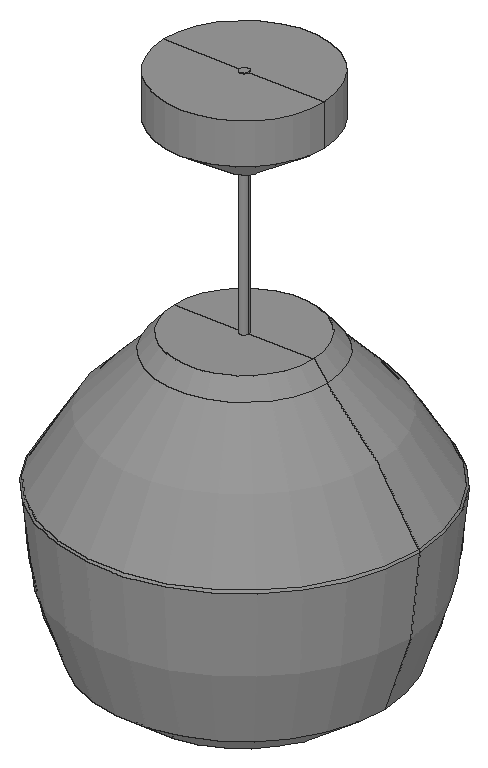
Revit family "63_UN_Pendant_GO-1M Canopy_Signify", category Lighting Fixtures, Revit 2019
Family settings
  Round Connector Dimension = Use Diameter
  Part Type = Normal
  OmniClass Number = 23.80.70.11
  OmniClass Title = Luminaries for Internal Lighting
  Work Plane-Based = No
  Always vertical = Yes
  Cut with Voids When Loaded = No
  Light Source = No
  Shared = No
  Room Calculation Point = Yes
Parameters (values of type "GO-1M")
  Wattage Comments = "10W"
  Voltage = 230 V
  URL = "https://www.signify.com/global/innovation/3d-printing"
  Type Comments = "GO-1M"
  Pendant_Material = UHMW, Black
  Pendant_Length [instance] = 200 mm
  Symbol_ToScale [instance] = yes
  Symbol_RealSize [instance] = not(Symbol_ToScale)  # no
  Switch Code [instance] = ""
  Model = "Pendant Canopy"
  Manufacturer = "Signify"
  Luminaire Code [instance] = ""
  Lamp = "LED"
  IfcExportType = "USERDEFINED"
  IfcExportAs = "IfcLightFixtureType"
  Housing_Material = Select RGB Value for different appearance
  Description = ""
  Content Creator® = "www.ivlibrary.com"
  Calc_Pendant_Length [instance] = if(Pendant_Length < 200 mm, 200 mm, if(Pendant_Length > 3000 mm, 3000 mm, Pendant_Length))  # 200 mm
  Assembly Code = "63.0"
  Apparent Load = 10 VA
Reference planes
  plane 1 "Center (Front/Back)": y = 0
  plane 2: z = 0
  plane 3 "Center (Left/Right)": x = 0
  plane 4: z = -200
  plane 5: z = -330
Forms (mm)
  Extrusion 1, solid, material "UHMW, Black" <- "Pendant_Material"
    sketch origin (0, 0, 0) x (1, 0, 0) y (0, 1, 0)
      loop
        circle (0, 0) r 3.848
    from -200 to 0
  Revolve 2, solid, material "UHMW, Black" <- "Pendant_Material"
    sketch origin (0, 0, 0) x (1, 0, 0) y (0, 0, 1)
      loop
        line (-68.5, 0) -> (-68.5, -35.165) -> (-13.084, -72.544) -> (0, -72.544) -> (0, 0) -> (-68.5, 0)
      axis (0, 0) -> (0, -72.544)
    angle from 0 to 360
Lines and regions (mm)
  symbolic lines, visible <- "Symbol_RealSize"
    curve 1: circle (0, 0, 0) r 150 normal (0, 0, 1)
    curve 2: line (-106.066, 106.066, 0) -> (0, 0, 0)
    curve 3: line (0, 0, 0) -> (-106.066, -106.066, 0)
    curve 4: line (106.066, 106.066, 0) -> (0, 0, 0)
    curve 5: line (0, 0, 0) -> (106.066, -106.066, 0)
Dimensions and locks
  "Calc_Pendant_Length": plane 2 to plane 4
  locked: plane 4 to plane 5 at 130
  aligned and locked: level to plane 2
  aligned and locked: plane 2 to Extrusion 1
  aligned and locked: plane 4 to Extrusion 1
  aligned and locked: nested 1 to plane 4
Automatic sketch dimensions
  plane 1 "Center (Front/Back)" to curve 2 = 0 mm
  curve 2 to plane 3 "Center (Left/Right)" = 0 mm
  plane 1 "Center (Front/Back)" to curve 1 = 0 mm
  curve 1 to plane 3 "Center (Left/Right)" = 0 mm
  curve 3 to plane 3 "Center (Left/Right)" = 106.066 mm
  curve 2 to plane 3 "Center (Left/Right)" = 106.066 mm
  plane 1 "Center (Front/Back)" to curve 5 = 106.066 mm
  plane 1 "Center (Front/Back)" to Extrusion 1 sketch curve = 0 mm
  Extrusion 1 sketch curve to plane 3 "Center (Left/Right)" = 0 mm
  Revolve 2 sketch curve to level = 0 mm
  Revolve 2 sketch curve to plane 3 "Center (Left/Right)" = 0 mm  (x2)
  Revolve 2 sketch curve to plane 3 "Center (Left/Right)" = 13.084 mm
  Revolve 2 sketch curve to plane 3 "Center (Left/Right)" = 68.5 mm
  Revolve 2 sketch curve to Revolve 2 sketch curve = 35.165 mm
  Revolve 2 sketch curve to Revolve 2 sketch curve = 72.544 mm
  Revolve 2 sketch curve to Revolve 2 sketch curve = 6.499 mm
  level to Revolve 2 sketch curve = 2214.315 mm
  radius of Extrusion 1 sketch curve = 3.848 mm
Nested families
  nested 1: "GO-1L" at (0, 0, -200), Housing_Material <- "Housing_Material", type "Geometry"
    with Housing_Material Select RGB Value for different appearance
  nested 2: "Ø300 Symbol_Signify" at (0, 0, 0), visible <- "Symbol_ToScale", type "Ø400 Symbol_Signify"
Connectors
  electrical at (0, 0, 0), driven by "Apparent Load", driven by "Voltage"
    settings: index 1, voltage 230 V, apparent load 0 VA, apparent load phase1 10 VA, apparent load phase2 0 VA, apparent load phase3 0 VA, power factor 1, load classification "Other", number of poles 1, system type 31, power factor state 1, is connector primary yes, connector utility no, sub classification motor no, connector description ""
Definition of nested family "GO-1L"
  Parameters (values of type "Geometry")
    URL = "Signify.com"
    Type Comments = ""
    Model = "Geometry"
    Manufacturer = "Signify"
    Lamp = "LED"
    Housing_Material [instance] = none
    Assembly Code = "63.xx"
    Apparent Load = 41 VA
  Reference planes
    plane 1 "Center (Front/Back)": y = 0
    plane 2: z = 0
    plane 3 "Center (Left/Right)": x = 0
    plane 4: z = 0
  Forms (mm)
    Revolve 1, solid, material <- "Housing_Material"
      sketch origin (0, 0, 20.589) x (1, 0, 0) y (0, 0, 1)
        loop
          line (0, -324.269) -> (0, -323.298) -> (-2.304, -323.298)
          spline (-2.304, -323.298) -> (-13.758, -320.3) -> (-24.913, -316.977) -> (-35.77, -313.33) -> (-46.328, -309.359) -> (-56.589, -305.063) -> (-66.552, -300.444) -> (-76.216, -295.5) -> (-85.584, -290.232) -> (-94.654, -284.64) -> (-103.426, -278.724) -> (-111.902, -272.484) -> (-120.081, -265.92)
          spline (-120.081, -265.92) -> (-124.46, -256.299) -> (-128.477, -246.475) -> (-132.132, -236.45) -> (-135.425, -226.223) -> (-138.356, -215.793) -> (-140.924, -205.161) -> (-143.13, -194.326) -> (-144.973, -183.289) -> (-146.454, -172.048) -> (-147.573, -160.605) -> (-148.328, -148.959) -> (-148.721, -137.11)
          line (-148.721, -137.11) -> (-147.87, -135.401)
          spline (-147.87, -135.401) -> (-143.047, -126.131) -> (-137.914, -117.055) -> (-132.472, -108.173) -> (-126.719, -99.485) -> (-120.656, -90.992) -> (-114.284, -82.692) -> (-107.601, -74.586) -> (-100.607, -66.674) -> (-93.304, -58.956) -> (-85.69, -51.431) -> (-77.765, -44.1) -> (-69.529, -36.962)
          line (-69.529, -36.962) -> (-66.35, -34.295) -> (-68.449, -34.295)
          spline (-68.449, -34.295) -> (-76.885, -41.588) -> (-85.005, -49.08) -> (-92.808, -56.771) -> (-100.293, -64.662) -> (-107.462, -72.751) -> (-114.313, -81.04) -> (-120.848, -89.528) -> (-127.065, -98.215) -> (-132.966, -107.101) -> (-138.549, -116.187) -> (-143.816, -125.471) -> (-148.765, -134.955)
          line (-148.765, -134.955) -> (-149.76, -136.952)
          spline (-149.76, -136.952) -> (-149.365, -148.869) -> (-148.603, -160.582) -> (-147.477, -172.093) -> (-145.985, -183.4) -> (-144.127, -194.504) -> (-141.904, -205.406) -> (-139.315, -216.104) -> (-136.361, -226.599) -> (-133.041, -236.89) -> (-129.356, -246.979) -> (-125.305, -256.865) -> (-120.889, -266.547)
          spline (-120.889, -266.547) -> (-112.669, -273.156) -> (-104.151, -279.437) -> (-95.334, -285.391) -> (-86.218, -291.019) -> (-76.804, -296.32) -> (-67.091, -301.293) -> (-57.079, -305.94) -> (-46.769, -310.26) -> (-36.16, -314.252) -> (-25.253, -317.918) -> (-14.046, -321.257) -> (-2.541, -324.269)
          line (-2.541, -324.269) -> (0, -324.269)
        axis (0, -34.295) -> (0, -324.269)
      angle from 0 to 360
    Revolve 2, solid
      sketch origin (0, 0, 0) x (1, 0, 0) y (0, 0, 1)
        loop
          line (0, -13.706) -> (0, 0) -> (-59.65, 0) -> (-71.565, -13.706) -> (0, -13.706)
        axis (0, 0) -> (0, -13.706)
      angle from 0 to 360
  Lines and regions (mm)
    reference lines
      curve 1: line (-173.969, 0, 0) -> (173.969, 0, 0)
  Dimensions and locks
    aligned and locked: level to plane 2
Definition of nested family "Ø300 Symbol_Signify"
  Reference planes
    plane 1: y = 0
    plane 2: x = 0
  Lines and regions (mm)
    detail lines
      curve 1: circle (0, 0, 0) r 1.5 normal (0, 0, 1)
      curve 2: line (0, 0, 0) -> (-1.061, -1.061, 0)
      curve 3: line (-1.061, 1.061, 0) -> (0, 0, 0)
      curve 4: line (0, 0, 0) -> (1.061, -1.061, 0)
      curve 5: line (1.061, 1.061, 0) -> (0, 0, 0)
